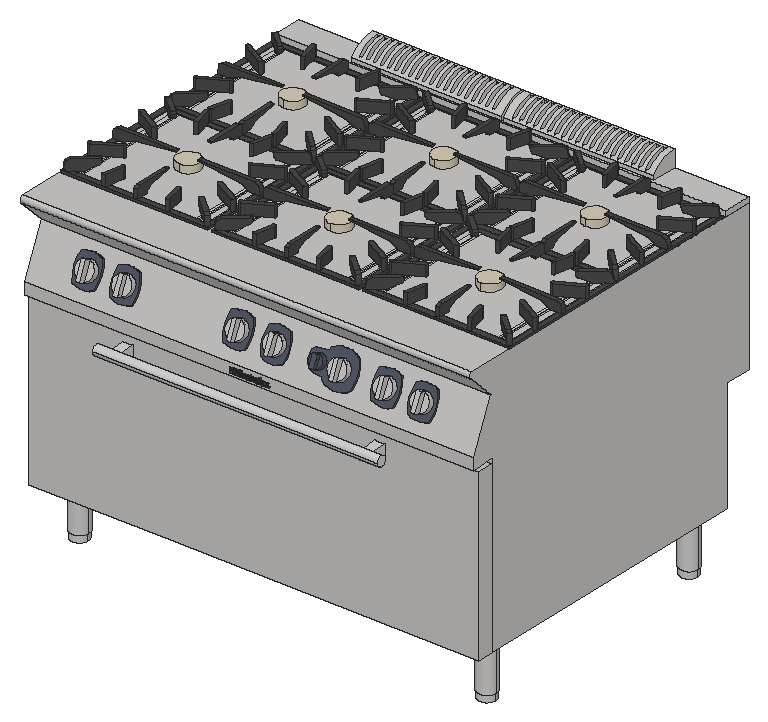
Revit family "QF_ELECTROLUXPROFESSIONAL_391581_E9AAOTBJMII", category Attrezzature speciali, Revit 2018
Family settings
  Quota connettore circolare = Usa diametro
  Tipo di parte = Normale
  Basato su piano di lavoro = No
  Sempre verticale = Sì
  Taglio con vuoti quando caricato = No
  Condiviso = No
  Punto di calcolo locali = No
Parameters (values of type "Standard")
  Weight = 200.00 kg
  Watts = 0 W
  Volts = 0 V
  URL Manufacturer = "https://www.electroluxprofessional.com/"
  URL = "https://www.electroluxprofessional.com/"
  Steam Supply Size = 0"
  Steam Supply Minimum Pressure = 0.00 psi
  Steam Supply Maximum Pressure = 0.00 psi
  Steam Consumption per Hour = 0
  Show Logo [instance] = yes
  Show Clearance [instance] = yes
  Refrigeration Suction Line Size = 0 mm
  Refrigeration Liquid Line Size = 0 mm
  Refrigerant Compressor Remote = yes
  Phase = 0
  Modello = "E9AAOTBJMII"
  Produttore = "Electrolux Professional"
  Length Actual = 1200 mm  # constant formula
  Item Number = "391581"
  Hot Water Size = 0"
  Height Actual = 850 mm  # constant formula
  HP = "0 HP"
  Gas Size = 1/2"
  Gas KW = 72
  Gas Input Pressure = 1.45819 Btu/h
  Direct Waste Size = 0"
  Descrizione = "6-BURNER (10KW)GAS RANGE+LARGE GAS OVEN 1200MM - QMARK"
  Depth Actual = 930 mm  # constant formula
  Cycle = 0 Hz
  Condensate Return Size = 0"
  Compressed Air Volume = 0 GPM
  Compressed Air Size = 0"
  Compressed Air Pressure = 0.00 psi
  Cold Water Size = 0"
  Assembly Code = ""
  Accessory = yes
Values of the unnamed type that differ from the named types
  Weight = 0.00 kg
  URL Manufacturer = ""
  Item Number = ""
  HP = ""
  Gas KW = 0
  Gas Input Pressure = 0.0 Btu/h
Reference planes
  plane 1 "BACK": y = 0
  plane 2: z = 0
  plane 3 "LEFT": x = 0
  plane 4 "RIGHT": x = 1200
  plane 5 "FRONT": y = -700
  plane 6 "TOP": z = 909
  plane 7 "Center Y": x = 600
  plane 8 "Center X": y = -350
  plane 9 "Base": z = 150
  plane 10: z = 850.9
  plane 11: y = -930
  plane 12: y = -1109
  plane 13: y = -128
  plane 14: y = -802
  plane 15: y = -1310
  plane 16: y = -666
  plane 17: x = 56
  plane 18: x = 1144
Forms (mm)
  Extrusion 1, solid, material "QF_Finishes_Stainless Steel"
    sketch origin (0, 0, 0) x (0, 1, 0) y (0, 0, 1)
      loop
        line (0, 450) -> (0, 850.9) -> (-921.37, 850.9)
        arc (-921.37, 850.9) -> (-929.343, 845.573) -> (-927.472, 836.168) r 8.63
        line (-927.472, 836.168) -> (-858.266, 766.833) -> (-915.833, 641.476) -> (-915.833, 610.179) -> (-855.839, 614.875)
        arc (-855.839, 614.875) -> (-853.314, 614.127) -> (-852.222, 611.731) r 3.175
        line (-852.222, 611.731) -> (-852.222, 150) -> (-71, 150) -> (-71, 450) -> (0, 450)
    from 0 to 1200
  Extrusion 2, solid, material "QF_Finishes_Stainless Steel"
    sketch origin (0, -852.222, 611.731) x (0, 0, -1) y (1, 0, 0)
      loop
        line (461.731, 363.774) -> (461.731, 1200) -> (9.61, 1200) -> (9.61, 378.321) -> (9.61, 0) -> (461.731, 0) -> (461.731, 363.774)
    from 3.175 to 47.778
  Extrusion 3, solid, material "QF_Finishes_Stainless Steel"
    sketch origin (0, 0, 0) x (0, -1, 0) y (0, 0, 1)
      loop
        line (0, 850.9) -> (76.2, 850.9) -> (76.2, 865.188) -> (0, 865.188) -> (0, 850.9)
    from 0 to -1200
  Extrusion 4, solid, material "QF_Finishes_Stainless Steel"
    sketch origin (0, -852.222, 150) x (1, 0, 0) y (0, -1, 0)
      loop
        circle (1148, -186.222) r 6.4
    from 0 to 21
  Extrusion 5, solid, material "QF_Door-Drawer Clearances", visible <- "Show Clearance", detail levels coarse
    sketch origin (0, -200, 0) x (0, 1, 0) y (0, 0, 1)
      loop
        line (-1110, 150) -> (-700, 150) -> (-700, 602.41)
        arc (-700, 602.41) -> (-992.25, 455.276) -> (-1110, 150) r 454.603
    from 0 to 1200
  Extrusion 6, solid, material "QF_Clearances", visible <- "Show Clearance", detail levels coarse
    sketch origin (0, -200, 0) x (1, 0, 0) y (0, 1, 0)
      loop
        line (-100, -730) -> (0, -730) -> (0, 200) -> (1200, 200) -> (1200, -730) -> (1300, -730) -> (1300, 300) -> (-100, 300) -> (-100, -730)
    from 0 to 908.85
  Extrusion 7, solid, material "QF_Finishes_Handrails and Railings"
    sketch origin (200, -200, 0) x (0, 1, 0) y (0, 0, 1)
      loop
        line (-700, 580.001) -> (-738.549, 577.296)
        arc (-738.549, 577.296) -> (-739.742, 563.489) -> (-752.852, 558.993) r 12.7
        arc (-752.852, 558.993) -> (-752.311, 558.176) -> (-751.712, 557.401) r 13.441
        arc (-751.712, 557.401) -> (-749.907, 555.955) -> (-747.68, 555.335) r 5.77
        line (-747.68, 555.335) -> (-700, 551.992) -> (-700, 580.001)
    from 50.8 to 76.2
  Extrusion 8, solid, material "QF_Finishes_Handrails and Railings"
    sketch origin (1000, -200, 0) x (0, 1, 0) y (0, 0, -1)
      loop
        line (-700, -580.001) -> (-700, -551.992) -> (-747.68, -555.335)
        arc (-747.68, -555.335) -> (-749.907, -555.955) -> (-751.712, -557.401) r 5.77
        arc (-751.712, -557.401) -> (-752.311, -558.176) -> (-752.852, -558.993) r 13.441
        arc (-752.852, -558.993) -> (-739.742, -563.489) -> (-738.549, -577.296) r 12.7
        line (-738.549, -577.296) -> (-700, -580.001)
    from 50.8 to 76.2
  Extrusion 9, solid, material "QF_Finishes_Handrails and Railings"
    sketch origin (200, -200, 0) x (0, 1, 0) y (0, 0, 1)
      loop
        circle (-749.749, 571.309) r 12.7
    from 19.875 to 780.125
  Extrusion 10, solid, material "QF_Finishes_Navy Blue"
    sketch origin (405.244, -913.772, 646.186) x (0, 0.418102, 0.9084) y (-1, 0, 0)
      loop
        arc (102.623, -510.47) -> (67.041, -502.846) -> (31.333, -509.853) r 90.5
        arc (31.333, -509.853) -> (24.507, -539.04) -> (31.333, -568.228) r 65.817
        arc (31.333, -568.228) -> (67.04, -575.188) -> (102.623, -567.615) r 91.066
        arc (102.623, -567.615) -> (109.179, -539.043) -> (102.623, -510.47) r 65.546
    from 0 to 3.175
  Extrusion 11, solid, material "QF_Finishes_Stainless Steel"
    sketch origin (783.994, -917.485, 645.711) x (0, 0.418102, 0.9084) y (-1, 0, 0)
      loop
        circle (68.826, -160.963) r 25.4
    from 0 to 12.7
  Extrusion 12, solid, material "QF_Finishes_Stainless Steel"
    sketch origin (783.994, -929.022, 651.021) x (0, 0.418102, 0.9084) y (-1, 0, 0)
      loop
        arc (93.558, -166.749) -> (94.226, -160.963) -> (93.558, -155.177) r 25.4
        line (93.558, -155.177) -> (44.094, -155.177)
        arc (44.094, -155.177) -> (43.426, -160.963) -> (44.094, -166.749) r 25.4
        line (44.094, -166.749) -> (93.558, -166.749)
    from 0 to 12.7
  Extrusion 13, solid, material "QF_Finishes_Navy Blue"
    sketch origin (282.787, -913.772, 646.186) x (0, 0.418102, 0.9084) y (-1, 0, 0)
      loop
        arc (104.355, -502.587) -> (101.326, -501.258) -> (98.25, -500.039) r 91.066
        arc (98.25, -500.039) -> (96.592, -482.449) -> (93.213, -465.107) r 179.528
        arc (93.213, -465.107) -> (69.244, -452.795) -> (45.274, -465.107) r 29.489
        arc (45.274, -465.107) -> (38.909, -481.441) -> (37.449, -498.912) r 61.044
        arc (37.449, -498.912) -> (34.471, -499.962) -> (31.532, -501.116) r 91.066
        arc (31.532, -501.116) -> (19.517, -540.223) -> (32.929, -578.873) r 65.817
        arc (32.929, -578.873) -> (68.105, -585.173) -> (102.996, -577.452) r 91.066
        arc (102.996, -577.452) -> (115.418, -540.233) -> (104.355, -502.587) r 65.546
    from 0 to 3.175
  Extrusion 14, solid, material "QF_Finishes_Stainless Steel"
    sketch origin (661.537, -917.485, 645.711) x (0, 0.418102, 0.9084) y (-1, 0, 0)
      loop
        circle (68.826, -160.963) r 25.4
    from 0 to 12.7
  Extrusion 15, solid, material "QF_Finishes_Stainless Steel"
    sketch origin (661.537, -929.022, 651.021) x (0, 0.418102, 0.9084) y (-1, 0, 0)
      loop
        arc (93.558, -166.749) -> (94.226, -160.963) -> (93.558, -155.177) r 25.4
        line (93.558, -155.177) -> (44.094, -155.177)
        arc (44.094, -155.177) -> (43.426, -160.963) -> (44.094, -166.749) r 25.4
        line (44.094, -166.749) -> (93.558, -166.749)
    from 0 to 12.7
  Extrusion 16, solid, material "QF_Finishes_Navy Blue"
    sketch origin (604.037, -917.485, 645.711) x (0, 0.418102, 0.9084) y (-1, 0, 0)
      loop
        circle (68.826, -160.963) r 18.37
    from 0 to 12.7
  Extrusion 17, solid, material "QF_Finishes_Navy Blue"
    sketch origin (602.746, -929.022, 651.021) x (0, 0.418102, 0.9084) y (-1, 0, 0)
      loop
        arc (84.808, -167.687) -> (85.476, -161.901) -> (84.808, -156.114) r 25.4
        line (84.808, -156.114) -> (52.844, -156.114)
        arc (52.844, -156.114) -> (52.176, -161.901) -> (52.844, -167.687) r 25.4
        line (52.844, -167.687) -> (84.808, -167.687)
    from 0 to 8.112
  Extrusion 18, solid, material "QF_Finishes_Navy Blue"
    sketch origin (-392.256, -913.772, 646.186) x (0, 0.418102, 0.9084) y (-1, 0, 0)
      loop
        arc (102.623, -510.47) -> (67.041, -502.846) -> (31.333, -509.853) r 90.5
        arc (31.333, -509.853) -> (24.507, -539.04) -> (31.333, -568.228) r 65.817
        arc (31.333, -568.228) -> (67.04, -575.188) -> (102.623, -567.615) r 91.066
        arc (102.623, -567.615) -> (109.179, -539.043) -> (102.623, -510.47) r 65.546
    from 0 to 3.175
  Extrusion 19, solid, material "QF_Finishes_Stainless Steel"
    sketch origin (-13.506, -917.485, 645.711) x (0, 0.418102, 0.9084) y (-1, 0, 0)
      loop
        circle (68.826, -160.963) r 25.4
    from 0 to 12.7
  Extrusion 20, solid, material "QF_Finishes_Stainless Steel"
    sketch origin (-13.506, -929.022, 651.021) x (0, 0.418102, 0.9084) y (-1, 0, 0)
      loop
        arc (93.558, -166.749) -> (94.226, -160.963) -> (93.558, -155.177) r 25.4
        line (93.558, -155.177) -> (44.094, -155.177)
        arc (44.094, -155.177) -> (43.426, -160.963) -> (44.094, -166.749) r 25.4
        line (44.094, -166.749) -> (93.558, -166.749)
    from 0 to 12.7
  Extrusion 21, solid, material "QF_Finishes_Navy Blue"
    sketch origin (-292.256, -913.772, 646.186) x (0, 0.418102, 0.9084) y (-1, 0, 0)
      loop
        arc (102.623, -510.47) -> (67.041, -502.846) -> (31.333, -509.853) r 90.5
        arc (31.333, -509.853) -> (24.507, -539.04) -> (31.333, -568.228) r 65.817
        arc (31.333, -568.228) -> (67.04, -575.188) -> (102.623, -567.615) r 91.066
        arc (102.623, -567.615) -> (109.179, -539.043) -> (102.623, -510.47) r 65.546
    from 0 to 3.175
  Extrusion 22, solid, material "QF_Finishes_Stainless Steel"
    sketch origin (86.494, -917.485, 645.711) x (0, 0.418102, 0.9084) y (-1, 0, 0)
      loop
        circle (68.826, -160.963) r 25.4
    from 0 to 12.7
  Extrusion 23, solid, material "QF_Finishes_Stainless Steel"
    sketch origin (86.494, -929.022, 651.021) x (0, 0.418102, 0.9084) y (-1, 0, 0)
      loop
        arc (93.558, -166.749) -> (94.226, -160.963) -> (93.558, -155.177) r 25.4
        line (93.558, -155.177) -> (44.094, -155.177)
        arc (44.094, -155.177) -> (43.426, -160.963) -> (44.094, -166.749) r 25.4
        line (44.094, -166.749) -> (93.558, -166.749)
    from 0 to 12.7
  Extrusion 24, solid, material "QF_Finishes_Stainless Steel"
    sketch origin (202.4, -200, 590.5) x (0, 1, 0) y (0, 0, 1)
      loop
        line (200, 274.688) -> (200, 318.5)
        arc (200, 318.5) -> (160.905, 309.851) -> (130.15, 284.212) r 84.706
        line (130.15, 284.212) -> (130.15, 274.688) -> (200, 274.688)
    from 400 to 800
  Extrusion 25, solid, material "QF_Finishes_Navy Blue"
    sketch origin (502.744, -913.772, 646.186) x (0, 0.418102, 0.9084) y (-1, 0, 0)
      loop
        arc (102.623, -510.47) -> (67.041, -502.846) -> (31.333, -509.853) r 90.5
        arc (31.333, -509.853) -> (24.507, -539.04) -> (31.333, -568.228) r 65.817
        arc (31.333, -568.228) -> (67.04, -575.188) -> (102.623, -567.615) r 91.066
        arc (102.623, -567.615) -> (109.179, -539.043) -> (102.623, -510.47) r 65.546
    from 0 to 3.175
  Extrusion 26, solid, material "QF_Finishes_Stainless Steel"
    sketch origin (881.494, -917.485, 645.711) x (0, 0.418102, 0.9084) y (-1, 0, 0)
      loop
        circle (68.826, -160.963) r 25.4
    from 0 to 12.7
  Extrusion 27, solid, material "QF_Finishes_Stainless Steel"
    sketch origin (881.494, -929.022, 651.021) x (0, 0.418102, 0.9084) y (-1, 0, 0)
      loop
        arc (93.558, -166.749) -> (94.226, -160.963) -> (93.558, -155.177) r 25.4
        line (93.558, -155.177) -> (44.094, -155.177)
        arc (44.094, -155.177) -> (43.426, -160.963) -> (44.094, -166.749) r 25.4
        line (44.094, -166.749) -> (93.558, -166.749)
    from 0 to 12.7
  Extrusion 28, solid, material "QF_Finishes_Navy Blue"
    sketch origin (10.244, -913.772, 646.186) x (0, 0.418102, 0.9084) y (-1, 0, 0)
      loop
        arc (102.623, -510.47) -> (67.041, -502.846) -> (31.333, -509.853) r 90.5
        arc (31.333, -509.853) -> (24.507, -539.04) -> (31.333, -568.228) r 65.817
        arc (31.333, -568.228) -> (67.04, -575.188) -> (102.623, -567.615) r 91.066
        arc (102.623, -567.615) -> (109.179, -539.043) -> (102.623, -510.47) r 65.546
    from 0 to 3.175
  Extrusion 29, solid, material "QF_Finishes_Stainless Steel"
    sketch origin (388.994, -917.485, 645.711) x (0, 0.418102, 0.9084) y (-1, 0, 0)
      loop
        circle (68.826, -160.963) r 25.4
    from 0 to 12.7
  Extrusion 30, solid, material "QF_Finishes_Stainless Steel"
    sketch origin (388.994, -929.022, 651.021) x (0, 0.418102, 0.9084) y (-1, 0, 0)
      loop
        arc (93.558, -166.749) -> (94.226, -160.963) -> (93.558, -155.177) r 25.4
        line (93.558, -155.177) -> (44.094, -155.177)
        arc (44.094, -155.177) -> (43.426, -160.963) -> (44.094, -166.749) r 25.4
        line (44.094, -166.749) -> (93.558, -166.749)
    from 0 to 12.7
  Extrusion 31, solid, material "QF_Finishes_Navy Blue"
    sketch origin (110.244, -913.772, 646.186) x (0, 0.418102, 0.9084) y (-1, 0, 0)
      loop
        arc (102.623, -510.47) -> (67.041, -502.846) -> (31.333, -509.853) r 90.5
        arc (31.333, -509.853) -> (24.507, -539.04) -> (31.333, -568.228) r 65.817
        arc (31.333, -568.228) -> (67.04, -575.188) -> (102.623, -567.615) r 91.066
        arc (102.623, -567.615) -> (109.179, -539.043) -> (102.623, -510.47) r 65.546
    from 0 to 3.175
  Extrusion 32, solid, material "QF_Finishes_Stainless Steel"
    sketch origin (488.994, -917.485, 645.711) x (0, 0.418102, 0.9084) y (-1, 0, 0)
      loop
        circle (68.826, -160.963) r 25.4
    from 0 to 12.7
  Extrusion 33, solid, material "QF_Finishes_Stainless Steel"
    sketch origin (488.994, -929.022, 651.021) x (0, 0.418102, 0.9084) y (-1, 0, 0)
      loop
        arc (93.558, -166.749) -> (94.226, -160.963) -> (93.558, -155.177) r 25.4
        line (93.558, -155.177) -> (44.094, -155.177)
        arc (44.094, -155.177) -> (43.426, -160.963) -> (44.094, -166.749) r 25.4
        line (44.094, -166.749) -> (93.558, -166.749)
    from 0 to 12.7
  Extrusion 34, solid, material "QF_Finishes_Navy Blue", visible <- "Show Logo"
    sketch origin (261.109, -915.962, 610.773) x (0, 0, 1) y (-1, 0, 0)
      loop
        line (20.674, -296.698) -> (8.307, -296.698)
        arc (8.307, -296.698) -> (14.491, -301.27) -> (20.674, -296.698) r 6.467
      loop
        arc (20.674, -296.069) -> (19.505, -290.926) -> (14.849, -288.448) r 6.338
        line (14.849, -288.448) -> (14.849, -290.494)
        arc (14.849, -290.494) -> (16.333, -294.149) -> (19.778, -296.069) r 5.941
        line (19.778, -296.069) -> (20.674, -296.069)
      loop
        arc (9.203, -296.069) -> (12.648, -294.149) -> (14.132, -290.494) r 5.941
        line (14.132, -290.494) -> (14.132, -288.448)
        arc (14.132, -288.448) -> (9.438, -290.922) -> (8.148, -296.069) r 6.504
        line (8.148, -296.069) -> (9.203, -296.069)
      loop
        line (21.349, -287.979) -> (7.604, -287.979) -> (7.604, -301.742) -> (21.349, -301.742) -> (21.349, -287.979)
      loop
        arc (21.432, -304.71) -> (21.085, -304.352) -> (20.718, -304.69) r 0.358
        arc (20.718, -304.69) -> (20.404, -305.44) -> (19.687, -305.825) r 1.216
        line (19.687, -305.825) -> (9.274, -305.825)
        arc (9.274, -305.825) -> (8.614, -305.548) -> (8.218, -304.951) r 1.238
        arc (8.218, -304.951) -> (7.823, -304.7) -> (7.518, -305.054) r 0.358
        line (7.518, -305.054) -> (7.518, -314.933) -> (10.269, -314.933) -> (10.269, -314.036)
        arc (10.269, -314.036) -> (9.36, -313.456) -> (8.904, -312.479) r 1.928
        line (8.904, -312.479) -> (8.904, -309.98)
        arc (8.904, -309.98) -> (9.18, -309.251) -> (9.868, -308.887) r 1.101
        line (9.868, -308.887) -> (13.955, -308.887) -> (13.955, -312.561)
        arc (13.955, -312.561) -> (13.602, -313.058) -> (13.037, -313.286) r 1.083
        arc (13.037, -313.286) -> (12.773, -313.591) -> (13.065, -313.869) r 0.292
        line (13.065, -313.869) -> (16.028, -313.869)
        arc (16.028, -313.869) -> (16.33, -313.596) -> (16.092, -313.266) r 0.305
        arc (16.092, -313.266) -> (15.601, -313.018) -> (15.296, -312.561) r 1.083
        line (15.296, -312.561) -> (15.296, -308.887) -> (19.973, -308.887) -> (19.973, -312.635)
        arc (19.973, -312.635) -> (19.759, -313.39) -> (19.153, -313.888) r 1.314
        arc (19.153, -313.888) -> (18.934, -314.292) -> (19.288, -314.585) r 0.361
        line (19.288, -314.585) -> (21.432, -314.585) -> (21.432, -304.71)
      loop
        arc (20.715, -315.365) -> (20.335, -316.284) -> (19.416, -316.664) r 1.299
        line (19.416, -316.664) -> (9.837, -316.664)
        arc (9.837, -316.664) -> (8.999, -316.286) -> (8.728, -315.408) r 1.118
        line (8.728, -315.408) -> (7.518, -315.408) -> (7.518, -320.758) -> (8.706, -320.758)
        arc (8.706, -320.758) -> (8.978, -319.841) -> (9.848, -319.445) r 1.153
        line (9.848, -319.445) -> (21.92, -319.445) -> (20.715, -315.365)
      loop
        line (12.483, -323.394) -> (12.483, -329.842) -> (13.282, -329.842)
        arc (13.282, -329.842) -> (15.862, -328.857) -> (17.131, -326.404) r 3.874
        line (17.131, -326.404) -> (17.131, -324.643)
        arc (17.131, -324.643) -> (15.944, -321.778) -> (13.08, -320.592) r 4.051
        line (13.08, -320.592) -> (11.072, -320.592)
        arc (11.072, -320.592) -> (8.253, -322.077) -> (7.202, -325.084) r 4.352
        arc (7.202, -325.084) -> (7.566, -327.547) -> (8.943, -329.621) r 5.713
        line (8.943, -329.621) -> (9.892, -329.621)
        arc (9.892, -329.621) -> (9.16, -328.052) -> (8.943, -326.334) r 5.579
        arc (8.943, -326.334) -> (9.737, -324.371) -> (11.616, -323.394) r 3.057
        line (11.616, -323.394) -> (12.483, -323.394)
      loop
        line (13.742, -323.394) -> (13.742, -326.977)
        arc (13.742, -326.977) -> (15.199, -327.024) -> (16.082, -325.864) r 1.59
        line (16.082, -325.864) -> (16.082, -325.034)
        arc (16.082, -325.034) -> (15.217, -323.779) -> (13.742, -323.394) r 2.184
      loop
        arc (16.533, -339.259) -> (17.022, -337.585) -> (17.179, -335.848) r 9.023
        line (17.179, -335.848) -> (17.179, -334.486)
        arc (17.179, -334.486) -> (16.02, -331.686) -> (13.22, -330.527) r 3.959
        line (13.22, -330.527) -> (10.62, -330.527)
        arc (10.62, -330.527) -> (8.338, -331.819) -> (7.221, -334.192) r 4.331
        line (7.221, -334.192) -> (7.221, -336.327)
        arc (7.221, -336.327) -> (7.729, -337.877) -> (8.651, -339.223) r 5.772
        arc (8.651, -339.223) -> (9.412, -339.274) -> (9.499, -338.515) r 0.553
        arc (9.499, -338.515) -> (9.111, -337.781) -> (8.977, -336.962) r 2.573
        line (8.977, -336.962) -> (8.977, -335.447)
        arc (8.977, -335.447) -> (9.983, -333.806) -> (11.798, -333.163) r 2.884
        line (11.798, -333.163) -> (13.077, -333.163)
        arc (13.077, -333.163) -> (14.898, -333.723) -> (15.824, -335.388) r 2.554
        line (15.824, -335.388) -> (15.824, -336.441)
        arc (15.824, -336.441) -> (15.493, -337.369) -> (14.836, -338.104) r 2.564
        arc (14.836, -338.104) -> (14.614, -338.821) -> (15.223, -339.259) r 0.643
        line (15.223, -339.259) -> (16.533, -339.259)
      loop
        line (15.515, -339.53) -> (15.515, -341.031) -> (9.467, -341.031)
        arc (9.467, -341.031) -> (7.879, -341.688) -> (7.221, -343.276) r 2.246
        line (7.221, -343.276) -> (7.221, -344.86)
        arc (7.221, -344.86) -> (7.535, -345.725) -> (8.035, -346.496) r 4.06
        arc (8.035, -346.496) -> (8.768, -346.629) -> (9.019, -345.928) r 0.576
        arc (9.019, -345.928) -> (8.913, -345.403) -> (8.977, -344.87) r 1.69
        arc (8.977, -344.87) -> (9.519, -344.082) -> (10.425, -343.779) r 1.506
        line (10.425, -343.779) -> (15.563, -343.779) -> (15.563, -346.176) -> (16.119, -346.733) -> (16.941, -346.733) -> (16.941, -343.873) -> (20.172, -343.873) -> (15.515, -339.53)
      loop
        line (7.438, -347.63) -> (7.438, -353.017) -> (8.548, -353.017)
        arc (8.548, -353.017) -> (8.942, -352.066) -> (9.893, -351.672) r 1.345
        line (9.893, -351.672) -> (13.509, -351.672)
        arc (13.509, -351.672) -> (14.274, -352.264) -> (14.564, -353.186) r 1.615
        line (14.564, -353.186) -> (14.564, -354.742) -> (17.119, -355.427) -> (17.119, -354.044) -> (15.177, -351.485) -> (17.057, -351.485) -> (16.773, -348.779)
        arc (16.773, -348.779) -> (16.333, -348.249) -> (15.674, -348.45) r 0.621
        arc (15.674, -348.45) -> (15.274, -348.792) -> (14.78, -348.975) r 1.501
        line (14.78, -348.975) -> (9.893, -348.975)
        arc (9.893, -348.975) -> (8.942, -348.581) -> (8.548, -347.63) r 1.345
        line (8.548, -347.63) -> (7.438, -347.63)
      loop
        line (13.54, -354.964) -> (10.848, -354.964)
        arc (10.848, -354.964) -> (8.403, -356.272) -> (7.269, -358.803) r 4.288
        arc (7.269, -358.803) -> (7.205, -360.183) -> (7.269, -361.563) r 15.022
        arc (7.269, -361.563) -> (8.403, -364.094) -> (10.848, -365.401) r 4.288
        line (10.848, -365.401) -> (13.54, -365.401)
        arc (13.54, -365.401) -> (15.986, -364.094) -> (17.119, -361.563) r 4.288
        arc (17.119, -361.563) -> (17.183, -360.183) -> (17.119, -358.803) r 15.022
        arc (17.119, -358.803) -> (15.986, -356.272) -> (13.54, -354.964) r 4.288
      loop
        line (13.745, -358.078) -> (10.643, -358.078)
        arc (10.643, -358.078) -> (8.486, -360.235) -> (10.643, -362.392) r 2.157
        line (10.643, -362.392) -> (13.745, -362.392)
        arc (13.745, -362.392) -> (15.902, -360.235) -> (13.745, -358.078) r 2.157
      loop
        arc (20.726, -365.26) -> (20.355, -366.154) -> (19.461, -366.524) r 1.264
        line (19.461, -366.524) -> (9.597, -366.524)
        arc (9.597, -366.524) -> (8.727, -366.127) -> (8.455, -365.211) r 1.153
        line (8.455, -365.211) -> (7.518, -365.211) -> (7.518, -370.319) -> (8.446, -370.319)
        arc (8.446, -370.319) -> (8.805, -369.547) -> (9.597, -369.232) r 1.153
        line (9.597, -369.232) -> (21.92, -369.232) -> (20.726, -365.26)
      loop
        arc (15.846, -369.857) -> (15.647, -370.921) -> (14.678, -371.403) r 1.215
        line (14.678, -371.403) -> (9.658, -371.403)
        arc (9.658, -371.403) -> (8.043, -372.051) -> (7.322, -373.634) r 2.338
        line (7.322, -373.634) -> (7.322, -375.148)
        arc (7.322, -375.148) -> (7.497, -376.152) -> (7.999, -377.038) r 2.979
        line (7.999, -377.038) -> (7.518, -378.835) -> (7.518, -380.524) -> (16.943, -380.524) -> (16.649, -376.32) -> (15.863, -376.32)
        arc (15.863, -376.32) -> (15.507, -377.156) -> (14.755, -377.665) r 1.605
        line (14.755, -377.665) -> (9.652, -377.665)
        arc (9.652, -377.665) -> (9.232, -376.728) -> (9.159, -375.704) r 2.94
        arc (9.159, -375.704) -> (9.72, -374.603) -> (10.873, -374.16) r 1.724
        line (10.873, -374.16) -> (17.07, -374.16) -> (15.846, -369.857)
      loop
        line (16.874, -381.377) -> (15.202, -383.423) -> (12.028, -385.729) -> (8.572, -382.617)
        arc (8.572, -382.617) -> (8.335, -382.223) -> (8.357, -381.764) r 0.789
        line (8.357, -381.764) -> (7.518, -381.764) -> (7.518, -385.309) -> (8.344, -385.309)
        arc (8.344, -385.309) -> (8.686, -384.947) -> (9.176, -385.039) r 0.52
        line (9.176, -385.039) -> (10.976, -386.51) -> (8.858, -387.886)
        arc (8.858, -387.886) -> (8.457, -387.576) -> (8.37, -387.076) r 0.7
        line (8.37, -387.076) -> (7.518, -387.076) -> (7.518, -393.003) -> (8.405, -393.003)
        arc (8.405, -393.003) -> (8.472, -392.344) -> (8.866, -391.813) r 1.247
        line (8.866, -391.813) -> (13.066, -388.532) -> (15.513, -390.585) -> (16.874, -392.327) -> (16.874, -388.604) -> (15.389, -389.026) -> (13.868, -387.749) -> (15.568, -386.559) -> (16.874, -387.336) -> (16.874, -381.377)
    from 0 to 1.644
  Revolve 35, solid, material "QF_Finishes_Stainless Steel"
    sketch origin (799, -128, 0) x (-1, 0, 0) y (0, 0, -1)
      loop
        line (-345, 0) -> (-367.9, 0) -> (-367.9, -19.05) -> (-370.4, -19.05) -> (-370.4, -150) -> (-345, -150) -> (-345, 0)
      axis (-345, 0) -> (-345, -150)
    angle from 0 to 360
  Revolve 36, solid, material "QF_Finishes_Stainless Steel"
    sketch origin (799, -802, 0) x (-1, 0, 0) y (0, 0, -1)
      loop
        line (-345, 0) -> (-367.9, 0) -> (-367.9, -19.05) -> (-370.4, -19.05) -> (-370.4, -150) -> (-345, -150) -> (-345, 0)
      axis (-345, 0) -> (-345, -150)
    angle from 0 to 360
  Extrusion 37, solid, material "QF_Finishes_Stainless Steel"
    sketch origin (0, -852.222, 150) x (1, 0, 0) y (0, -1, 0)
      loop
        circle (1157, -276.222) r 12.7
    from 0 to 5
  Extrusion 38, void
    sketch origin (-62.611, 0, 865.138) x (-1, 0, 0) y (0, -1, 0)
      loop
        line (-695.005, 6.761) -> (-685.709, 6.761) -> (-685.709, 63.911) -> (-695.005, 63.911) -> (-695.005, 6.761)
      loop
        line (-713.697, 6.761) -> (-704.401, 6.761) -> (-704.401, 63.911) -> (-713.697, 63.911) -> (-713.697, 6.761)
      loop
        line (-732.39, 6.761) -> (-723.094, 6.761) -> (-723.094, 63.911) -> (-732.39, 63.911) -> (-732.39, 6.761)
      loop
        line (-751.082, 6.761) -> (-741.787, 6.761) -> (-741.787, 63.911) -> (-751.082, 63.911) -> (-751.082, 6.761)
      loop
        line (-769.775, 6.761) -> (-760.479, 6.761) -> (-760.479, 63.911) -> (-769.775, 63.911) -> (-769.775, 6.761)
      loop
        line (-788.468, 6.761) -> (-779.172, 6.761) -> (-779.172, 63.911) -> (-788.468, 63.911) -> (-788.468, 6.761)
      loop
        line (-807.16, 6.761) -> (-797.864, 6.761) -> (-797.864, 63.911) -> (-807.16, 63.911) -> (-807.16, 6.761)
      loop
        line (-825.853, 6.761) -> (-816.557, 6.761) -> (-816.557, 63.911) -> (-825.853, 63.911) -> (-825.853, 6.761)
      loop
        line (-844.545, 6.761) -> (-835.25, 6.761) -> (-835.25, 63.911) -> (-844.545, 63.911) -> (-844.545, 6.761)
      loop
        line (-863.238, 6.761) -> (-853.942, 6.761) -> (-853.942, 63.911) -> (-863.238, 63.911) -> (-863.238, 6.761)
      loop
        line (-881.931, 6.761) -> (-872.635, 6.761) -> (-872.635, 63.911) -> (-881.931, 63.911) -> (-881.931, 6.761)
      loop
        line (-900.623, 6.761) -> (-891.328, 6.761) -> (-891.328, 63.911) -> (-900.623, 63.911) -> (-900.623, 6.761)
      loop
        line (-919.316, 6.761) -> (-910.02, 6.761) -> (-910.02, 63.911) -> (-919.316, 63.911) -> (-919.316, 6.761)
      loop
        line (-938.008, 6.761) -> (-928.713, 6.761) -> (-928.713, 63.911) -> (-938.008, 63.911) -> (-938.008, 6.761)
      loop
        line (-956.701, 6.761) -> (-947.405, 6.761) -> (-947.405, 63.911) -> (-956.701, 63.911) -> (-956.701, 6.761)
      loop
        line (-975.394, 6.761) -> (-966.098, 6.761) -> (-966.098, 63.911) -> (-975.394, 63.911) -> (-975.394, 6.761)
      loop
        line (-994.086, 6.761) -> (-984.791, 6.761) -> (-984.791, 63.911) -> (-994.086, 63.911) -> (-994.086, 6.761)
      loop
        line (-1012.779, 6.761) -> (-1003.483, 6.761) -> (-1003.483, 63.911) -> (-1012.779, 63.911) -> (-1012.779, 6.761)
      loop
        line (-1031.472, 6.761) -> (-1022.176, 6.761) -> (-1022.176, 63.911) -> (-1031.472, 63.911) -> (-1031.472, 6.761)
      loop
        line (-1050.164, 6.761) -> (-1040.868, 6.761) -> (-1040.868, 63.911) -> (-1050.164, 63.911) -> (-1050.164, 6.761)
    from 9.525 to 45.348
  Revolve 39, solid, material "QF_Finishes_Stainless Steel"
    sketch origin (1, -128, 0) x (1, 0, 0) y (0, 0, 1)
      loop
        line (55, 0) -> (55, 150) -> (29.6, 150) -> (29.6, 19.05) -> (32.1, 19.05) -> (32.1, 0) -> (55, 0)
      axis (55, 0) -> (55, 150)
    angle from 0 to 360
  Revolve 40, solid, material "QF_Finishes_Stainless Steel"
    sketch origin (1, -802, 0) x (1, 0, 0) y (0, 0, 1)
      loop
        line (55, 0) -> (55, 150) -> (29.6, 150) -> (29.6, 19.05) -> (32.1, 19.05) -> (32.1, 0) -> (55, 0)
      axis (55, 0) -> (55, 150)
    angle from 0 to 360
  Extrusion 41, solid, material "QF_Finishes_Stainless Steel"
    sketch origin (997.6, -200, 590.5) x (0, 1, 0) y (0, 0, -1)
      loop
        line (200, -274.688) -> (130.15, -274.688) -> (130.15, -284.212)
        arc (130.15, -284.212) -> (160.905, -309.851) -> (200, -318.5) r 84.706
        line (200, -318.5) -> (200, -274.688)
    from 400 to 800
  Extrusion 42, void
    sketch origin (1262.611, 0, 865.138) x (1, 0, 0) y (0, 1, 0)
      loop
        line (-695.005, -6.761) -> (-695.005, -63.911) -> (-685.709, -63.911) -> (-685.709, -6.761) -> (-695.005, -6.761)
      loop
        line (-713.697, -6.761) -> (-713.697, -63.911) -> (-704.401, -63.911) -> (-704.401, -6.761) -> (-713.697, -6.761)
      loop
        line (-732.39, -6.761) -> (-732.39, -63.911) -> (-723.094, -63.911) -> (-723.094, -6.761) -> (-732.39, -6.761)
      loop
        line (-751.082, -6.761) -> (-751.082, -63.911) -> (-741.787, -63.911) -> (-741.787, -6.761) -> (-751.082, -6.761)
      loop
        line (-769.775, -6.761) -> (-769.775, -63.911) -> (-760.479, -63.911) -> (-760.479, -6.761) -> (-769.775, -6.761)
      loop
        line (-788.468, -6.761) -> (-788.468, -63.911) -> (-779.172, -63.911) -> (-779.172, -6.761) -> (-788.468, -6.761)
      loop
        line (-807.16, -6.761) -> (-807.16, -63.911) -> (-797.864, -63.911) -> (-797.864, -6.761) -> (-807.16, -6.761)
      loop
        line (-825.853, -6.761) -> (-825.853, -63.911) -> (-816.557, -63.911) -> (-816.557, -6.761) -> (-825.853, -6.761)
      loop
        line (-844.545, -6.761) -> (-844.545, -63.911) -> (-835.25, -63.911) -> (-835.25, -6.761) -> (-844.545, -6.761)
      loop
        line (-863.238, -6.761) -> (-863.238, -63.911) -> (-853.942, -63.911) -> (-853.942, -6.761) -> (-863.238, -6.761)
      loop
        line (-881.931, -6.761) -> (-881.931, -63.911) -> (-872.635, -63.911) -> (-872.635, -6.761) -> (-881.931, -6.761)
      loop
        line (-900.623, -6.761) -> (-900.623, -63.911) -> (-891.328, -63.911) -> (-891.328, -6.761) -> (-900.623, -6.761)
      loop
        line (-919.316, -6.761) -> (-919.316, -63.911) -> (-910.02, -63.911) -> (-910.02, -6.761) -> (-919.316, -6.761)
      loop
        line (-938.008, -6.761) -> (-938.008, -63.911) -> (-928.713, -63.911) -> (-928.713, -6.761) -> (-938.008, -6.761)
      loop
        line (-956.701, -6.761) -> (-956.701, -63.911) -> (-947.405, -63.911) -> (-947.405, -6.761) -> (-956.701, -6.761)
      loop
        line (-975.394, -6.761) -> (-975.394, -63.911) -> (-966.098, -63.911) -> (-966.098, -6.761) -> (-975.394, -6.761)
      loop
        line (-994.086, -6.761) -> (-994.086, -63.911) -> (-984.791, -63.911) -> (-984.791, -6.761) -> (-994.086, -6.761)
      loop
        line (-1012.779, -6.761) -> (-1012.779, -63.911) -> (-1003.483, -63.911) -> (-1003.483, -6.761) -> (-1012.779, -6.761)
      loop
        line (-1031.472, -6.761) -> (-1031.472, -63.911) -> (-1022.176, -63.911) -> (-1022.176, -6.761) -> (-1031.472, -6.761)
      loop
        line (-1050.164, -6.761) -> (-1050.164, -63.911) -> (-1040.868, -63.911) -> (-1040.868, -6.761) -> (-1050.164, -6.761)
    from 9.525 to 45.348
Cuts and joins
  Extrusion 38, Extrusion 42 cuts Extrusion 24
  Extrusion 42 cuts Extrusion 41
Lines and regions (mm)
  symbolic lines, style "QF_Door-Drawer Clearances"
    curve 1: line (0, -930, 150) -> (0, -1310, 150)
    curve 2: line (0, -1310, 150) -> (1200, -1310, 150)
    curve 3: line (1200, -1310, 150) -> (1200, -930, 150)
  symbolic lines
    curve 4: line (1200, -930, 150) -> (0, -930, 150)
    curve 5: line (0, 0, 150) -> (0, -930, 150)
    curve 6: line (1200, -930, 150) -> (1200, 0, 150)
    curve 7: line (0, 0, 150) -> (1200, 0, 150)
    curve 11: line (980.125, -962.449, 150) -> (219.875, -962.449, 150)
    curve 12: line (980.125, -937.049, 150) -> (980.125, -962.449, 150)
    curve 13: line (949.2, -938.549, 150) -> (949.2, -930, 150)
    curve 14: line (923.8, -938.549, 150) -> (923.8, -930, 150)
    curve 15: line (923.8, -938.549, 150) -> (949.2, -938.549, 150)
    curve 16: line (219.875, -937.049, 150) -> (250.8, -937.049, 150)
    curve 17: line (949.2, -937.049, 150) -> (980.125, -937.049, 150)
    curve 18: line (632.394, -6.761, 150) -> (632.394, -63.911, 150)
    curve 19: line (632.394, -63.911, 150) -> (623.098, -63.911, 150)
    curve 20: line (623.098, -63.911, 150) -> (623.098, -6.761, 150)
    curve 21: line (623.098, -6.761, 150) -> (632.394, -6.761, 150)
    curve 22: line (838.012, -6.761, 150) -> (838.012, -63.911, 150)
    curve 23: line (838.012, -63.911, 150) -> (828.717, -63.911, 150)
    curve 24: line (828.717, -63.911, 150) -> (828.717, -6.761, 150)
    curve 25: line (828.717, -6.761, 150) -> (838.012, -6.761, 150)
    curve 26: line (819.32, -6.761, 150) -> (819.32, -63.911, 150)
    curve 27: line (819.32, -63.911, 150) -> (810.024, -63.911, 150)
    curve 28: line (810.024, -63.911, 150) -> (810.024, -6.761, 150)
    curve 29: line (810.024, -6.761, 150) -> (819.32, -6.761, 150)
    curve 30: line (800.627, -6.761, 150) -> (800.627, -63.911, 150)
    curve 31: line (800.627, -63.911, 150) -> (791.331, -63.911, 150)
    curve 32: line (791.331, -63.911, 150) -> (791.331, -6.761, 150)
    curve 33: line (791.331, -6.761, 150) -> (800.627, -6.761, 150)
    curve 34: line (781.934, -6.761, 150) -> (781.934, -63.911, 150)
    curve 35: line (781.934, -63.911, 150) -> (772.639, -63.911, 150)
    curve 36: line (772.639, -63.911, 150) -> (772.639, -6.761, 150)
    curve 37: line (772.639, -6.761, 150) -> (781.934, -6.761, 150)
    curve 38: line (763.242, -6.761, 150) -> (763.242, -63.911, 150)
    curve 39: line (763.242, -63.911, 150) -> (753.946, -63.911, 150)
    curve 40: line (753.946, -63.911, 150) -> (753.946, -6.761, 150)
    curve 41: line (753.946, -6.761, 150) -> (763.242, -6.761, 150)
    curve 42: line (744.549, -6.761, 150) -> (744.549, -63.911, 150)
    curve 43: line (744.549, -63.911, 150) -> (735.253, -63.911, 150)
    curve 44: line (735.253, -63.911, 150) -> (735.253, -6.761, 150)
    curve 45: line (735.253, -6.761, 150) -> (744.549, -6.761, 150)
    curve 46: line (725.857, -6.761, 150) -> (725.857, -63.911, 150)
    curve 47: line (725.857, -63.911, 150) -> (716.561, -63.911, 150)
    curve 48: line (716.561, -63.911, 150) -> (716.561, -6.761, 150)
    curve 49: line (716.561, -6.761, 150) -> (725.857, -6.761, 150)
    curve 50: line (707.164, -6.761, 150) -> (707.164, -63.911, 150)
    curve 51: line (707.164, -63.911, 150) -> (697.868, -63.911, 150)
    curve 52: line (697.868, -63.911, 150) -> (697.868, -6.761, 150)
    curve 53: line (697.868, -6.761, 150) -> (707.164, -6.761, 150)
    curve 54: line (688.471, -6.761, 150) -> (688.471, -63.911, 150)
    curve 55: line (688.471, -63.911, 150) -> (679.176, -63.911, 150)
    curve 56: line (679.176, -63.911, 150) -> (679.176, -6.761, 150)
    curve 57: line (679.176, -6.761, 150) -> (688.471, -6.761, 150)
    curve 58: line (669.779, -6.761, 150) -> (669.779, -63.911, 150)
    curve 59: line (669.779, -63.911, 150) -> (660.483, -63.911, 150)
    curve 60: line (660.483, -63.911, 150) -> (660.483, -6.761, 150)
    curve 61: line (660.483, -6.761, 150) -> (669.779, -6.761, 150)
    curve 62: line (651.086, -6.761, 150) -> (651.086, -63.911, 150)
    curve 63: line (651.086, -63.911, 150) -> (641.79, -63.911, 150)
    curve 64: line (641.79, -63.911, 150) -> (641.79, -6.761, 150)
    curve 65: line (641.79, -6.761, 150) -> (651.086, -6.761, 150)
    curve 66: line (987.553, -6.761, 150) -> (987.553, -63.911, 150)
    curve 67: line (987.553, -63.911, 150) -> (978.257, -63.911, 150)
    curve 68: line (978.257, -63.911, 150) -> (978.257, -6.761, 150)
    curve 69: line (978.257, -6.761, 150) -> (987.553, -6.761, 150)
    curve 70: line (968.861, -6.761, 150) -> (968.861, -63.911, 150)
    curve 71: line (968.861, -63.911, 150) -> (959.565, -63.911, 150)
    curve 72: line (959.565, -63.911, 150) -> (959.565, -6.761, 150)
    curve 73: line (959.565, -6.761, 150) -> (968.861, -6.761, 150)
    curve 74: line (950.168, -6.761, 150) -> (950.168, -63.911, 150)
    curve 75: line (950.168, -63.911, 150) -> (940.872, -63.911, 150)
    curve 76: line (940.872, -63.911, 150) -> (940.872, -6.761, 150)
    curve 77: line (940.872, -6.761, 150) -> (950.168, -6.761, 150)
    curve 78: line (931.475, -6.761, 150) -> (931.475, -63.911, 150)
    curve 79: line (931.475, -63.911, 150) -> (922.18, -63.911, 150)
    curve 80: line (922.18, -63.911, 150) -> (922.18, -6.761, 150)
    curve 81: line (922.18, -6.761, 150) -> (931.475, -6.761, 150)
    curve 82: line (912.783, -6.761, 150) -> (912.783, -63.911, 150)
    curve 83: line (912.783, -63.911, 150) -> (903.487, -63.911, 150)
    curve 84: line (903.487, -63.911, 150) -> (903.487, -6.761, 150)
    curve 85: line (903.487, -6.761, 150) -> (912.783, -6.761, 150)
    curve 86: line (894.09, -6.761, 150) -> (894.09, -63.911, 150)
    curve 87: line (894.09, -63.911, 150) -> (884.794, -63.911, 150)
    curve 88: line (884.794, -63.911, 150) -> (884.794, -6.761, 150)
    curve 89: line (884.794, -6.761, 150) -> (894.09, -6.761, 150)
    curve 90: line (875.397, -6.761, 150) -> (875.397, -63.911, 150)
    curve 91: line (875.397, -63.911, 150) -> (866.102, -63.911, 150)
    curve 92: line (866.102, -63.911, 150) -> (866.102, -6.761, 150)
    curve 93: line (866.102, -6.761, 150) -> (875.397, -6.761, 150)
    curve 94: line (856.705, -6.761, 150) -> (856.705, -63.911, 150)
    curve 95: line (856.705, -63.911, 150) -> (847.409, -63.911, 150)
    curve 96: line (847.409, -63.911, 150) -> (847.409, -6.761, 150)
    curve 97: line (847.409, -6.761, 150) -> (856.705, -6.761, 150)
    curve 98: line (1002.4, -69.85, 150) -> (1002.4, 0, 150)
    curve 99: line (602.4, -69.85, 150) -> (602.4, 0, 150)
    curve 100: line (250.8, -938.549, 150) -> (250.8, -930, 150)
    curve 101: line (276.2, -930, 150) -> (276.2, -938.549, 150)
    curve 102: line (219.875, -937.049, 150) -> (250.8, -937.049, 150)
    curve 103: line (219.875, -962.449, 150) -> (219.875, -937.049, 150)
    curve 104: line (250.8, -938.549, 150) -> (276.2, -938.549, 150)
    curve 105: line (276.2, -937.049, 150) -> (923.8, -937.049, 150)
    curve 106: line (602.4, -69.85, 0) -> (1002.4, -69.85, 0)
    curve 107: line (0, -76.2, 0) -> (1200, -76.2, 0)
    curve 108: line (567.606, -6.761, 150) -> (567.606, -63.911, 150)
    curve 109: line (567.606, -63.911, 150) -> (576.902, -63.911, 150)
    curve 110: line (576.902, -63.911, 150) -> (576.902, -6.761, 150)
    curve 111: line (576.902, -6.761, 150) -> (567.606, -6.761, 150)
    curve 112: line (361.988, -6.761, 150) -> (361.988, -63.911, 150)
    curve 113: line (361.988, -63.911, 150) -> (371.283, -63.911, 150)
    curve 114: line (371.283, -63.911, 150) -> (371.283, -6.761, 150)
    curve 115: line (371.283, -6.761, 150) -> (361.988, -6.761, 150)
    curve 116: line (380.68, -6.761, 150) -> (380.68, -63.911, 150)
    curve 117: line (380.68, -63.911, 150) -> (389.976, -63.911, 150)
    curve 118: line (389.976, -63.911, 150) -> (389.976, -6.761, 150)
    curve 119: line (389.976, -6.761, 150) -> (380.68, -6.761, 150)
    curve 120: line (399.373, -6.761, 150) -> (399.373, -63.911, 150)
    curve 121: line (399.373, -63.911, 150) -> (408.669, -63.911, 150)
    curve 122: line (408.669, -63.911, 150) -> (408.669, -6.761, 150)
    curve 123: line (408.669, -6.761, 150) -> (399.373, -6.761, 150)
    curve 124: line (418.066, -6.761, 150) -> (418.066, -63.911, 150)
    curve 125: line (418.066, -63.911, 150) -> (427.361, -63.911, 150)
    curve 126: line (427.361, -63.911, 150) -> (427.361, -6.761, 150)
    curve 127: line (427.361, -6.761, 150) -> (418.066, -6.761, 150)
    curve 128: line (436.758, -6.761, 150) -> (436.758, -63.911, 150)
    curve 129: line (436.758, -63.911, 150) -> (446.054, -63.911, 150)
    curve 130: line (446.054, -63.911, 150) -> (446.054, -6.761, 150)
    curve 131: line (446.054, -6.761, 150) -> (436.758, -6.761, 150)
    curve 132: line (455.451, -6.761, 150) -> (455.451, -63.911, 150)
    curve 133: line (455.451, -63.911, 150) -> (464.747, -63.911, 150)
    curve 134: line (464.747, -63.911, 150) -> (464.747, -6.761, 150)
    curve 135: line (464.747, -6.761, 150) -> (455.451, -6.761, 150)
    curve 136: line (474.143, -6.761, 150) -> (474.143, -63.911, 150)
    curve 137: line (474.143, -63.911, 150) -> (483.439, -63.911, 150)
    curve 138: line (483.439, -63.911, 150) -> (483.439, -6.761, 150)
    curve 139: line (483.439, -6.761, 150) -> (474.143, -6.761, 150)
    curve 140: line (492.836, -6.761, 150) -> (492.836, -63.911, 150)
    curve 141: line (492.836, -63.911, 150) -> (502.132, -63.911, 150)
    curve 142: line (502.132, -63.911, 150) -> (502.132, -6.761, 150)
    curve 143: line (502.132, -6.761, 150) -> (492.836, -6.761, 150)
    curve 144: line (511.529, -6.761, 150) -> (511.529, -63.911, 150)
    curve 145: line (511.529, -63.911, 150) -> (520.824, -63.911, 150)
    curve 146: line (520.824, -63.911, 150) -> (520.824, -6.761, 150)
    curve 147: line (520.824, -6.761, 150) -> (511.529, -6.761, 150)
    curve 148: line (530.221, -6.761, 150) -> (530.221, -63.911, 150)
    curve 149: line (530.221, -63.911, 150) -> (539.517, -63.911, 150)
    curve 150: line (539.517, -63.911, 150) -> (539.517, -6.761, 150)
    curve 151: line (539.517, -6.761, 150) -> (530.221, -6.761, 150)
    curve 152: line (548.914, -6.761, 150) -> (548.914, -63.911, 150)
    curve 153: line (548.914, -63.911, 150) -> (558.21, -63.911, 150)
    curve 154: line (558.21, -63.911, 150) -> (558.21, -6.761, 150)
    curve 155: line (558.21, -6.761, 150) -> (548.914, -6.761, 150)
    curve 156: line (212.447, -6.761, 150) -> (212.447, -63.911, 150)
    curve 157: line (212.447, -63.911, 150) -> (221.743, -63.911, 150)
    curve 158: line (221.743, -63.911, 150) -> (221.743, -6.761, 150)
    curve 159: line (221.743, -6.761, 150) -> (212.447, -6.761, 150)
    curve 160: line (231.139, -6.761, 150) -> (231.139, -63.911, 150)
    curve 161: line (231.139, -63.911, 150) -> (240.435, -63.911, 150)
    curve 162: line (240.435, -63.911, 150) -> (240.435, -6.761, 150)
    curve 163: line (240.435, -6.761, 150) -> (231.139, -6.761, 150)
    curve 164: line (249.832, -6.761, 150) -> (249.832, -63.911, 150)
    curve 165: line (249.832, -63.911, 150) -> (259.128, -63.911, 150)
    curve 166: line (259.128, -63.911, 150) -> (259.128, -6.761, 150)
    curve 167: line (259.128, -6.761, 150) -> (249.832, -6.761, 150)
    curve 168: line (268.525, -6.761, 150) -> (268.525, -63.911, 150)
    curve 169: line (268.525, -63.911, 150) -> (277.82, -63.911, 150)
    curve 170: line (277.82, -63.911, 150) -> (277.82, -6.761, 150)
    curve 171: line (277.82, -6.761, 150) -> (268.525, -6.761, 150)
    curve 172: line (287.217, -6.761, 150) -> (287.217, -63.911, 150)
    curve 173: line (287.217, -63.911, 150) -> (296.513, -63.911, 150)
    curve 174: line (296.513, -63.911, 150) -> (296.513, -6.761, 150)
    curve 175: line (296.513, -6.761, 150) -> (287.217, -6.761, 150)
    curve 176: line (305.91, -6.761, 150) -> (305.91, -63.911, 150)
    curve 177: line (305.91, -63.911, 150) -> (315.206, -63.911, 150)
    curve 178: line (315.206, -63.911, 150) -> (315.206, -6.761, 150)
    curve 179: line (315.206, -6.761, 150) -> (305.91, -6.761, 150)
    curve 180: line (324.603, -6.761, 150) -> (324.603, -63.911, 150)
    curve 181: line (324.603, -63.911, 150) -> (333.898, -63.911, 150)
    curve 182: line (333.898, -63.911, 150) -> (333.898, -6.761, 150)
    curve 183: line (333.898, -6.761, 150) -> (324.603, -6.761, 150)
    curve 184: line (343.295, -6.761, 150) -> (343.295, -63.911, 150)
    curve 185: line (343.295, -63.911, 150) -> (352.591, -63.911, 150)
    curve 186: line (352.591, -63.911, 150) -> (352.591, -6.761, 150)
    curve 187: line (352.591, -6.761, 150) -> (343.295, -6.761, 150)
    curve 188: line (197.6, -69.85, 150) -> (197.6, 0, 150)
    curve 189: line (597.6, -69.85, 150) -> (597.6, 0, 150)
    curve 190: line (597.6, -69.85, 0) -> (197.6, -69.85, 0)
  symbolic lines, style "QF_Clearances", visible <- "Show Clearance", detail levels coarse
    curve 8: line (-100, -930, 150) -> (-100, 100, 150)
    curve 9: line (-100, 100, 150) -> (1300, 100, 150)
    curve 10: line (1300, 100, 150) -> (1300, -930, 150)
Dimensions and locks
  equal spacing: plane 3 "LEFT", plane 7 "Center Y", plane 4 "RIGHT"
  plane 3 "LEFT" to plane 4 "RIGHT" = 1200 mm
  equal spacing: plane 5 "FRONT", plane 8 "Center X", plane 1 "BACK"
  plane 11 to plane 1 "BACK" = 930 mm  (x2)
  plane 6 "TOP" to level = 909 mm
  plane 9 "Base" to level = 150 mm
  plane 6 "TOP" to plane 10 = 58.1 mm  (x3)
  plane 1 "BACK" to plane 11 = 930 mm
  plane 1 "BACK" to plane 12 = 1109 mm
  locked: Extrusion 1 sketch curve to plane 1 "BACK" at 71
  plane 13 to plane 1 "BACK" = 128 mm
  plane 9 "Base" to plane 2 = 150 mm
  plane 14 to plane 13 = 674 mm
  Extrusion 5 to plane 14 = 98 mm
  plane 15 to plane 1 "BACK" = 1310 mm
  Extrusion 5 to plane 1 "BACK" = 900 mm
  Extrusion 4 sketch curve to plane 1 "BACK" = 666 mm
  Extrusion 4 sketch curve to plane 4 "RIGHT" = 52 mm
  plane 16 to plane 1 "BACK" = 666 mm
  Extrusion 1 to plane 1 "BACK" = 71 mm
  plane 9 "Base" to Extrusion 1 = 300 mm
  plane 6 "TOP" to plane 2 = 909 mm
  plane 10 to plane 2 = 850.9 mm
  Extrusion 6 sketch curve to Extrusion 6 sketch curve = 100 mm
  plane 3 "LEFT" to plane 17 = 56 mm
  plane 4 "RIGHT" to plane 18 = 56 mm
  plane 18 to plane 17 = 1088 mm
  Extrusion 4 to plane 9 "Base" = 21 mm
  aligned and locked: level to plane 2
  aligned and locked: plane 4 "RIGHT" to Extrusion 1
  aligned and locked: plane 4 "RIGHT" to Extrusion 3
Automatic sketch dimensions
  curve 107 to plane 3 "LEFT" = 0 mm
  curve 107 to plane 4 "RIGHT" = 0 mm
  curve 190 to plane 13 = 58.15 mm
  curve 190 to plane 17 = 141.6 mm
  curve 190 to plane 7 "Center Y" = 2.4 mm
  plane 7 "Center Y" to curve 106 = 2.4 mm
  curve 106 to plane 13 = 58.15 mm
  curve 106 to plane 18 = 141.6 mm
  curve 107 to plane 13 = 51.8 mm
  plane 11 to curve 10 = 0 mm
  curve 3 to plane 4 "RIGHT" = 0 mm
  curve 4 to plane 4 "RIGHT" = 0 mm
  plane 1 "BACK" to curve 98 = 0 mm
  plane 11 to curve 13 = 0 mm
  curve 1 to plane 3 "LEFT" = 0 mm
  curve 7 to plane 3 "LEFT" = 0 mm
  plane 11 to curve 8 = 0 mm
  curve 1 to plane 15 = 0 mm
  plane 4 "RIGHT" to curve 9 = 100 mm
  curve 98 to plane 18 = 141.6 mm
  curve 98 to curve 67 = 14.847 mm
  plane 11 to curve 11 = 32.449 mm
  curve 11 to plane 18 = 163.875 mm
  curve 66 to curve 69 = 9.296 mm
  curve 67 to curve 71 = 9.397 mm
  curve 70 to curve 73 = 9.296 mm
  curve 71 to curve 74 = 9.397 mm
  plane 11 to curve 17 = 7.049 mm
  curve 12 to curve 17 = 30.925 mm
  curve 74 to curve 77 = 9.296 mm
  curve 75 to curve 79 = 9.397 mm
  curve 13 to curve 14 = 25.4 mm
  curve 78 to curve 80 = 9.296 mm
  curve 80 to curve 82 = 9.397 mm
  curve 82 to curve 85 = 9.296 mm
  curve 83 to curve 87 = 9.397 mm
  curve 86 to curve 88 = 9.296 mm
  curve 88 to curve 90 = 9.397 mm
  curve 90 to curve 92 = 9.296 mm
  curve 91 to curve 95 = 9.397 mm
  curve 94 to curve 97 = 9.296 mm
  curve 95 to curve 22 = 9.397 mm
  curve 22 to curve 25 = 9.296 mm
  curve 24 to curve 29 = 9.397 mm
  curve 26 to curve 29 = 9.296 mm
  curve 27 to curve 30 = 9.397 mm
  curve 30 to curve 32 = 9.296 mm
  curve 31 to curve 35 = 9.397 mm
  curve 34 to curve 36 = 9.296 mm
  curve 35 to curve 38 = 9.397 mm
  curve 38 to curve 41 = 9.296 mm
  curve 39 to curve 43 = 9.397 mm
  curve 42 to curve 43 = 9.296 mm
  curve 43 to curve 46 = 9.397 mm
  curve 46 to curve 48 = 9.296 mm
  curve 47 to curve 50 = 9.397 mm
  curve 50 to curve 52 = 9.296 mm
  curve 51 to curve 55 = 9.397 mm
  curve 54 to curve 56 = 9.296 mm
  curve 56 to curve 58 = 9.397 mm
  curve 58 to curve 60 = 9.296 mm
  curve 60 to curve 62 = 9.397 mm
  curve 62 to curve 65 = 9.296 mm
  curve 63 to curve 19 = 9.397 mm
  curve 18 to curve 19 = 9.296 mm
  plane 7 "Center Y" to curve 99 = 2.4 mm
  curve 189 to plane 7 "Center Y" = 2.4 mm
  curve 189 to curve 110 = 20.698 mm
  curve 109 to curve 108 = 9.296 mm
  curve 108 to curve 153 = 9.397 mm
  curve 154 to curve 155 = 9.296 mm
  curve 152 to curve 149 = 9.397 mm
  curve 149 to curve 149 = 9.296 mm
  curve 148 to curve 146 = 9.397 mm
  curve 146 to curve 147 = 9.296 mm
  curve 144 to curve 141 = 9.397 mm
  curve 142 to curve 143 = 9.296 mm
  curve 140 to curve 139 = 9.397 mm
  curve 137 to curve 137 = 9.296 mm
  curve 136 to curve 135 = 9.397 mm
  curve 134 to curve 132 = 9.296 mm
  curve 132 to curve 130 = 9.397 mm
  curve 130 to curve 131 = 9.296 mm
  curve 128 to curve 125 = 9.397 mm
  curve 125 to curve 124 = 9.296 mm
  curve 124 to curve 123 = 9.397 mm
  curve 122 to curve 123 = 9.296 mm
  curve 120 to curve 117 = 9.397 mm
  curve 117 to curve 117 = 9.296 mm
  curve 116 to curve 113 = 9.397 mm
  curve 114 to curve 115 = 9.296 mm
  curve 112 to curve 187 = 9.397 mm
  curve 186 to curve 187 = 9.296 mm
  curve 184 to curve 182 = 9.397 mm
  curve 182 to curve 183 = 9.296 mm
  curve 180 to curve 179 = 9.397 mm
  curve 177 to curve 177 = 9.296 mm
  curve 176 to curve 175 = 9.397 mm
  curve 173 to curve 173 = 9.296 mm
  curve 172 to curve 169 = 9.397 mm
  plane 11 to curve 104 = 8.549 mm
  curve 104 to plane 17 = 220.2 mm
  curve 169 to curve 169 = 9.296 mm
  curve 168 to curve 166 = 9.397 mm
  curve 101 to curve 100 = 25.4 mm
  curve 165 to curve 165 = 9.296 mm
  curve 164 to curve 161 = 9.397 mm
  curve 161 to curve 161 = 9.296 mm
  curve 160 to curve 157 = 9.397 mm
  curve 100 to curve 11 = 30.925 mm
  curve 157 to curve 156 = 9.296 mm
  curve 156 to curve 188 = 14.847 mm
  curve 8 to plane 3 "LEFT" = 100 mm
  curve 8 to plane 1 "BACK" = 100 mm
  plane 1 "BACK" to curve 184 = 6.761 mm
  plane 1 "BACK" to curve 164 = 6.761 mm
  plane 1 "BACK" to curve 183 = 6.761 mm
  plane 1 "BACK" to curve 163 = 6.761 mm
  plane 1 "BACK" to curve 179 = 6.761 mm
  plane 1 "BACK" to curve 159 = 6.761 mm
  plane 1 "BACK" to curve 18 = 6.761 mm
  plane 1 "BACK" to curve 155 = 6.761 mm
  plane 1 "BACK" to curve 22 = 6.761 mm
  plane 1 "BACK" to curve 151 = 6.761 mm
  plane 1 "BACK" to curve 26 = 6.761 mm
  plane 1 "BACK" to curve 147 = 6.761 mm
  plane 1 "BACK" to curve 30 = 6.761 mm
  plane 1 "BACK" to curve 143 = 6.761 mm
  plane 1 "BACK" to curve 34 = 6.761 mm
  plane 1 "BACK" to curve 139 = 6.761 mm
  plane 1 "BACK" to curve 38 = 6.761 mm
  plane 1 "BACK" to curve 135 = 6.761 mm
  plane 1 "BACK" to curve 42 = 6.761 mm
  plane 1 "BACK" to curve 131 = 6.761 mm
  plane 1 "BACK" to curve 46 = 6.761 mm
  plane 1 "BACK" to curve 127 = 6.761 mm
  plane 1 "BACK" to curve 50 = 6.761 mm
  plane 1 "BACK" to curve 123 = 6.761 mm
  plane 1 "BACK" to curve 54 = 6.761 mm
  plane 1 "BACK" to curve 119 = 6.761 mm
  plane 1 "BACK" to curve 58 = 6.761 mm
  plane 1 "BACK" to curve 115 = 6.761 mm
  plane 1 "BACK" to curve 62 = 6.761 mm
  plane 1 "BACK" to curve 111 = 6.761 mm
  plane 1 "BACK" to curve 66 = 6.761 mm
  plane 1 "BACK" to curve 170 = 6.761 mm
  plane 1 "BACK" to curve 172 = 6.761 mm
  plane 1 "BACK" to curve 70 = 6.761 mm
  plane 1 "BACK" to curve 74 = 6.761 mm
  plane 1 "BACK" to curve 97 = 6.761 mm
  plane 1 "BACK" to curve 78 = 6.761 mm
  plane 1 "BACK" to curve 93 = 6.761 mm
  plane 1 "BACK" to curve 82 = 6.761 mm
  plane 1 "BACK" to curve 89 = 6.761 mm
  curve 86 to curve 87 = 57.15 mm
  curve 86 to curve 84 = 0 mm
  curve 90 to curve 87 = 0 mm
  curve 82 to curve 80 = 0 mm
  curve 94 to curve 91 = 0 mm
  curve 78 to curve 76 = 0 mm
  curve 74 to curve 72 = 0 mm
  curve 174 to curve 174 = 57.15 mm
  curve 70 to curve 68 = 0 mm
  curve 170 to curve 172 = 0 mm
  curve 64 to curve 64 = 57.15 mm
  curve 108 to curve 108 = 57.15 mm
  curve 62 to curve 60 = 0 mm
  curve 112 to curve 112 = 57.15 mm
  curve 58 to curve 56 = 0 mm
  curve 113 to curve 116 = 0 mm
  curve 54 to curve 52 = 0 mm
  curve 117 to curve 120 = 0 mm
  curve 50 to curve 48 = 0 mm
  curve 121 to curve 124 = 0 mm
  curve 46 to curve 44 = 0 mm
  curve 125 to curve 128 = 0 mm
  curve 42 to curve 40 = 0 mm
  curve 129 to curve 132 = 0 mm
  curve 38 to curve 36 = 0 mm
  curve 133 to curve 136 = 0 mm
  curve 34 to curve 32 = 0 mm
  curve 137 to curve 140 = 0 mm
  curve 30 to curve 28 = 0 mm
  curve 141 to curve 144 = 0 mm
  curve 26 to curve 24 = 0 mm
  curve 145 to curve 148 = 0 mm
  curve 20 to curve 63 = 0 mm
  curve 149 to curve 152 = 0 mm
  curve 173 to curve 176 = 0 mm
  curve 156 to curve 168 = 0 mm
  curve 177 to curve 180 = 0 mm
  curve 157 to curve 160 = 0 mm
  curve 181 to curve 184 = 0 mm
  curve 161 to curve 164 = 0 mm
  curve 19 to curve 99 = 5.939 mm
  curve 66 to curve 98 = 5.939 mm
  curve 189 to curve 99 = 0 mm
  curve 156 to curve 188 = 5.939 mm
  curve 16 to curve 100 = 1.5 mm
  curve 14 to curve 105 = 7.049 mm
  curve 105 to curve 14 = 1.5 mm
  Extrusion 1 sketch curve to plane 10 = 0 mm
  Extrusion 1 sketch curve to plane 9 "Base" = 0 mm
  Extrusion 1 sketch curve to plane 1 "BACK" = 0 mm
  Extrusion 1 sketch curve to plane 14 = 50.222 mm
  Extrusion 1 sketch curve to Extrusion 1 sketch curve = 3.175 mm
  Extrusion 1 sketch curve to Extrusion 1 sketch curve = 0.442 mm
  Extrusion 1 sketch curve to plane 14 = 56.266 mm
  Extrusion 1 sketch curve to plane 11 = 14.167 mm
  Extrusion 1 sketch curve to plane 11 = 8.63 mm
  Extrusion 1 sketch curve to plane 11 = 2.528 mm
  plane 9 "Base" to Extrusion 1 sketch curve = 300 mm
  Extrusion 1 sketch curve to plane 10 = 240.721 mm
  Extrusion 1 sketch curve to Extrusion 1 sketch curve = 1.552 mm
  Extrusion 1 sketch curve to Extrusion 1 sketch curve = 31.298 mm
  Extrusion 1 sketch curve to plane 10 = 84.067 mm
  Extrusion 1 sketch curve to plane 10 = 14.732 mm
  Extrusion 2 sketch curve to Extrusion 1 = 0 mm  (x2)
  Extrusion 1 to Extrusion 2 sketch curve = 0 mm
  Extrusion 1 to Extrusion 2 sketch curve = 9.61 mm
  Extrusion 1 to Extrusion 2 sketch curve = 363.774 mm
  Extrusion 1 to Extrusion 2 sketch curve = 378.321 mm
  Extrusion 3 sketch curve to Extrusion 1 = 0 mm  (x2)
  Extrusion 3 sketch curve to Extrusion 1 = 5.2 mm
  Extrusion 3 sketch curve to Extrusion 3 sketch curve = 14.288 mm
  Extrusion 5 sketch curve to plane 9 "Base" = 0 mm
  Extrusion 5 sketch curve to plane 15 = 0 mm
  Extrusion 5 sketch curve to plane 11 = 30 mm
  Extrusion 5 sketch curve to Extrusion 5 sketch curve = 44.603 mm
  plane 11 to Extrusion 6 sketch curve = 0 mm  (x2)
  plane 1 "BACK" to Extrusion 6 sketch curve = 0 mm
  Extrusion 6 sketch curve to plane 3 "LEFT" = 0 mm
  Extrusion 6 sketch curve to plane 4 "RIGHT" = 0 mm
  Extrusion 6 sketch curve to plane 3 "LEFT" = 100 mm
  plane 4 "RIGHT" to Extrusion 6 sketch curve = 100 mm
  plane 11 to Extrusion 7 sketch curve = 22.852 mm
  Extrusion 7 sketch curve to Extrusion 7 sketch curve = 0 mm  (x2)
